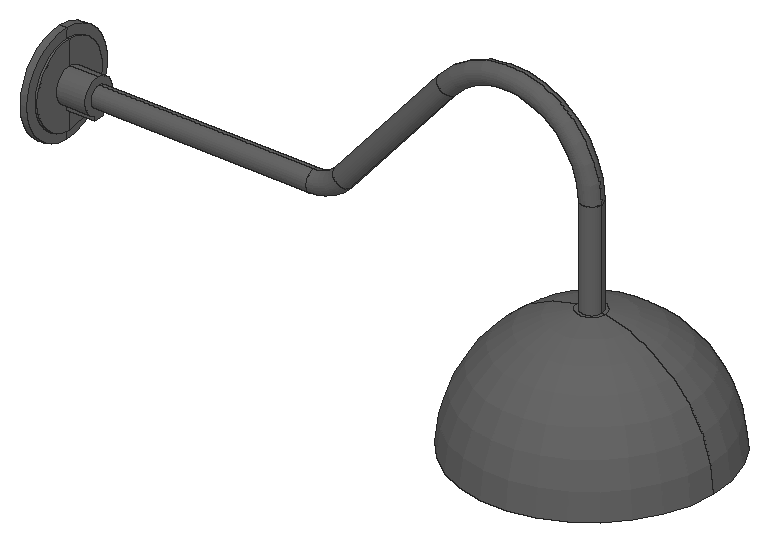
Revit family "Shallow Dome_LED", category Lighting Fixtures, Revit 2020
Family settings
  Round Connector Dimension = Use Diameter
  Part Type = Normal
  OmniClass Number = 23.80.70.00
  OmniClass Title = Lighting
  Work Plane-Based = No
  Always vertical = Yes
  Cut with Voids When Loaded = No
  Light Source = Yes
  Shared = No
  Room Calculation Point = No
Parameters (values of type "SD12")
  Weight = "2.0 lb"
  Wattage Comments = "16W"
  Wattage = 1.6 W
  Warranty = "5 year limited warranty"  # constant formula
  built-in parameter 1150110 = 1 (stored number, unit not read)
  Voltage = 277 V
  URL = "https://www.anplighting.com/assets/Uploads/product-attachments/specification-sheets/ANP-Specification-Sheet-RLM-LED-SD12.pdf"
  built-in parameter 1114217 = 1 (stored number, unit not read)
  Tilt Angle = 90.00°
  built-in parameter 1150109 = 1 (stored number, unit not read)
  built-in parameter 1150134 = 12
  built-in parameter 1150113 = 1 (stored number, unit not read)
  SD20 = no
  SD16 = no
  SD12 = yes
  SD10 = no
  Mounting Option [instance] = 2
  Power Factor = 1
  Post Mount [instance] = Mounting Option = 5  # no
  Placement X axis side [instance] = if(Post Mount, 2' 2 15/32", if(Cord or Stem Mount, 0' 0", if(E36 20 inch, 1' 8 1/4", if(E 6 26 inch, 2' 2", if(E7 41 inch, 3' 5 1/4", 0' 1")))))  # 2' - 2"
  Photometric Web File = "generic.ies"
  Model = "SD12"
  Manufacturer = "ANP Lighting"  # constant formula
  built-in parameter 1150105 = 159.15 (stored number, unit not read)
  Lumens = 2000 lm
  built-in parameter 1150115 = 1 (stored number, unit not read)
  Load Classification = Lighting
  Light Source Height [instance] = 0' - 2 55/128"  # constant formula
  built-in parameter 1150137 = (empty or 0)
  built-in parameter 1150139 = (empty or 0)
  Light Elevation_3 [instance] = if(SD10, (0' 1 3/8" + 0' 2 55/128"), if(SD12, (0' 2 1/4" + 0' 2 55/128"), if(SD16, (0' 4 1/8" + 0' 2 55/128"), if(SD20, (0' 6 1/8" + 0' 2 55/128"), 0' 0"))))  # 0' - 4 87/128"
  Light Elevation _2 [instance] = if(SD10, 0' 5", if(SD12, 0' 6", if(SD16, 0' 8", if(SD20, 0' 10", 0' 0"))))  # 0' - 6"
  Light Elevation _1 [instance] = if(Post Mount, 0' 0", if(E7 41 inch, 0' 0", if(E36 20 inch, 0' 1", if(E 6 26 inch, 0' 0.87402", if(Cord or Stem Mount, (0' 3.66142" + Cord Length), 0' 0")))))  # 0' - 0.87402"
  Light Elevation [instance] = if(Post Mount, 14' 0.5315", if(E7 41 inch, 0' 0", 0' 0"))  # 0' - 0"
  Life = "L70 50,000 hours"  # constant formula
  built-in parameter 1150112 = 1 (stored number, unit not read)
  built-in parameter 1150114 = 1 (stored number, unit not read)
  Lamp = "LED"
  Inside body material = Inside body
  built-in parameter 1150132 = 2
  built-in parameter 1150102 = (empty or 0)
  built-in parameter 1150107 = 4000 (stored number, unit not read)
  built-in parameter 1150138 = (empty or 0)
  built-in parameter 1150106 = 1.5915 (stored number, unit not read)
  Fixture Height = 0' - 6"
  Fixture Diameter = 1' - 0"
  Efficiency = "97-125 lumens per watt"  # constant formula
  built-in parameter 1150104 = 116.13 (stored number, unit not read)
  E7 41 inch [instance] = Mounting Option = 4  # no
  E36 20 inch [instance] = Mounting Option = 3  # no
  E 6 26 inch [instance] = Mounting Option = 2  # yes
  Dimming Lamp Color Temperature Shift = <None>
  Dimming = "1%"  # constant formula
  Description = "120-277 Voltage"  # constant formula
  Default Elevation = 0' - 0"
  Cord or Stem Mount [instance] = Mounting Option = 1  # no
  Cord Length option [instance] = 0
  Cord Length [instance] = if([2' Cord], 2' 0", if([4' Cord], 4' 0", if([8' Cord], 8' 0", if([10' Cord], 10' 0", if([6' Cord], 6' 0", 6' 0")))))  # 6' - 0"
  Construction Material = "Heavy Duty spun aluminum."  # constant formula
  Color Filter = 16777215
  CRI = ">90"  # constant formula
  Bulb = Bulb
  Body Material = body
  Body Colour = "Spun aluminium"  # constant formula
  built-in parameter 1114218 = 1 (stored number, unit not read)
  built-in parameter 1150133 = 10 (stored number, unit not read)
  Apparent Load = 16 VA
  8' Cord [instance] = Cord Length option = 8  # no
  6' Cord [instance] = Cord Length option = 6  # no
  4' Cord [instance] = Cord Length option = 4  # no
  2' Cord [instance] = Cord Length option = 2  # no
  10' Cord [instance] = Cord Length option = 10  # no
Types (5): name | Weight | Wattage Comments | Wattage | URL | SD20 | SD16 | SD12 | SD10 | Mounting Option | Post Mount | Placement X axis side | Model | built-in parameter 1150105 | Lumens | Light Elevation_3 | Light Elevation _2 | Light Elevation _1 | Light Elevation | built-in parameter 1150106 | Fixture Height | Fixture Diameter | E 6 26 inch | Cord Length option | Cord Length | Apparent Load | 2' Cord
  (no name) | "2.0 lb" | "16W" | 1.6 W | "https://www.anplighting.com/assets/Uploads/product-attachments/specification-sheets/ANP-Specification-Sheet-RLM-LED-SD12.pdf" | no | no | yes | no | 2 | no | 2' - 2" | "SD12" | 159.15 (stored number, unit not read) | 2000 lm | 0' - 4 87/128" | 0' - 6" | 0' - 0.87402" | 0' - 0" | 1.5915 (stored number, unit not read) | 0' - 6" | 1' - 0" | yes | 0 | 6' - 0" | 16 VA | no
  SD10 | "1.0 lb" | "10W" | 1 W | "https://www.anplighting.com/assets/Uploads/product-attachments/specification-sheets/ANP-Specification-Sheet-RLM-LED-SD10.pdf" | no | no | no | yes | 2 | no | 2' - 2" | "SD10" | 99.472 (stored number, unit not read) | 1250 lm | 0' - 3 103/128" | 0' - 5" | 0' - 0.87402" | 0' - 0" | 0.99472 (stored number, unit not read) | 0' - 5" | 0' - 10" | yes | 0 | 6' - 0" | 10 VA | no
  SD12 | "2.0 lb" | "16W" | 1.6 W | "https://www.anplighting.com/assets/Uploads/product-attachments/specification-sheets/ANP-Specification-Sheet-RLM-LED-SD12.pdf" | no | no | yes | no | 2 | no | 2' - 2" | "SD12" | 159.15 (stored number, unit not read) | 2000 lm | 0' - 4 87/128" | 0' - 6" | 0' - 0.87402" | 0' - 0" | 1.5915 (stored number, unit not read) | 0' - 6" | 1' - 0" | yes | 0 | 6' - 0" | 16 VA | no
  SD16 | "3.0 lb" | "24W" | 2.4 W | "https://www.anplighting.com/assets/Uploads/product-attachments/specification-sheets/ANP-Specification-Sheet-RLM-LED-SD16.pdf" | no | yes | no | no | 2 | no | 2' - 2" | "SD16" | 238.73 (stored number, unit not read) | 3000 lm | 0' - 6 71/128" | 0' - 8" | 0' - 0.87402" | 0' - 0" | 2.3873 (stored number, unit not read) | 0' - 8" | 1' - 4" | yes | 0 | 6' - 0" | 24 VA | no
  SD20 | "5.0 lb" | "24W" | 2.4 W | "https://www.anplighting.com/assets/Uploads/product-attachments/specification-sheets/ANP-Specification-Sheet-RLM-LED-SD20.pdf" | yes | no | no | no | 5 | yes | 2' - 2 15/32" | "SD20" | 238.73 (stored number, unit not read) | 3000 lm | 0' - 8 71/128" | 0' - 10" | 0' - 0" | 14' - 0.5315" | 2.3873 (stored number, unit not read) | 0' - 10" | 1' - 8" | no | 2 | 2' - 0" | 24 VA | yes
Reference planes (in)
  plane 1 "Light Source Axis (F/B)": y = 0
  plane 2: z = 0
  plane 3 "Light Source Axis (L/R)": x = 0
  plane 4 "Light Source Elevation": z = 0
  plane 5: z = 0
  plane 6: x = 26
  plane 7 "Bulb Position": z = -2.19433
  plane 8 "Canopy Position": z = -0.87402
  plane 9 "IES": z = -4.62402
  plane 10: z = -6.87402
Dimensions and locks (in)
  "Light Elevation": plane 5 to plane 2
  "Placement X axis side": plane 6 to plane 3 "Light Source Axis (L/R)"
  "Light Elevation _1": plane 5 to plane 8 "Canopy Position"
  "Light Source Height": plane 7 "Bulb Position" to plane 9 "IES"
  locked: plane 4 "Light Source Elevation" to plane 2
  "Light Elevation _2": plane 8 "Canopy Position" to plane 10
  "Light Elevation_3": plane 7 "Bulb Position" to plane 10
  aligned and locked: level to plane 2
  aligned and locked: plane 1 "Light Source Axis (F/B)" to nested 5
  aligned and locked: nested 5 to plane 2
  aligned and locked: nested 1 to plane 3 "Light Source Axis (L/R)"
  aligned and locked: plane 3 "Light Source Axis (L/R)" to nested 2
  aligned and locked: plane 3 "Light Source Axis (L/R)" to nested 4
  aligned and locked: nested 3 to plane 5
  aligned and locked: plane 3 "Light Source Axis (L/R)" to nested 3
  aligned and locked: plane 3 "Light Source Axis (L/R)" to nested 5
  aligned and locked: plane 1 "Light Source Axis (F/B)" to nested 2
  aligned and locked: plane 1 "Light Source Axis (F/B)" to nested 1
  aligned and locked: plane 1 "Light Source Axis (F/B)" to nested 4
  aligned and locked: plane 1 "Light Source Axis (F/B)" to nested 3
  aligned and locked: plane 2 to nested 1
  aligned and locked: plane 2 to nested 2
  aligned and locked: nested 4 to plane 2
  aligned and locked: imposter light to plane 9 "IES"
  aligned and locked: plane 6 to imposter light
  aligned and locked: plane 1 "Light Source Axis (F/B)" to nested 8
  aligned and locked: plane 1 "Light Source Axis (F/B)" to nested 7
  aligned and locked: plane 1 "Light Source Axis (F/B)" to nested 6
  aligned and locked: plane 1 "Light Source Axis (F/B)" to nested 9
  aligned and locked: plane 6 to nested 7
  aligned and locked: plane 6 to nested 8
  aligned and locked: plane 6 to nested 9
  aligned and locked: plane 6 to nested 6
  aligned and locked: plane 1 "Light Source Axis (F/B)" to nested 10
  aligned and locked: plane 6 to nested 10
  aligned and locked: nested 10 to plane 7 "Bulb Position"
  aligned and locked: nested 6 to plane 8 "Canopy Position"
  aligned and locked: nested 9 to plane 8 "Canopy Position"
  aligned and locked: nested 8 to plane 8 "Canopy Position"
  aligned and locked: nested 7 to plane 8 "Canopy Position"
Nested families (in)
  nested 1: "CORD OR STEM MOUNT" at (0, 0, -75.67), visible <- "Cord or Stem Mount", Cord or Stem Mount <- "Cord or Stem Mount", Body Material <- "Body Material", Light Elevation <- "Light Elevation", Cord Length <- "Cord Length", 10' Cord <- "10' Cord", 2' Cord <- "2' Cord", 4' Cord <- "4' Cord", 6' Cord <- "6' Cord", 8' Cord <- "8' Cord", type "CORD OR STEM MOUNT"
    with Light Elevation 0' - 0", Cord or Stem Mount no, Cord Length 6' - 0", Body Material body, 8' Cord no, 6' Cord no, 4' Cord no, 2' Cord no, 10' Cord no
  nested 2: "E6 26 INCH" at (26, 0, 0), visible <- "E 6 26 inch", Chain Length <- "Cord Length", E 6 26 inch <- "E 6 26 inch", Placement X axis side <- "Placement X axis side", Body Material <- "Body Material", Light Elevation <- "Light Elevation", type "E6 26 INCH"
    with Placement X axis side 2' - 2", Light Elevation 0' - 0", E 6 26 inch yes, Chain Length 6' - 0", Body Material body
  nested 3: "E7 41 INCH" at (26, 0, 0), Chain Length <- "Cord Length", visible <- "E7 41 inch", E7 41 inch <- "E7 41 inch", Placement X axis side <- "Placement X axis side", Body Material <- "Body Material", Light Elevation <- "Light Elevation", type "E7 41 INCH"
    with Placement X axis side 2' - 2", Light Elevation 0' - 0", E7 41 inch no, Chain Length 6' - 0", Body Material body
  nested 4: "E36 20 INCH" at (26, 0, 0), visible <- "E36 20 inch", E36 20 inch <- "E36 20 inch", Placement X axis side <- "Placement X axis side", Chain Length <- "Cord Length", Body Material <- "Body Material", Light Elevation <- "Light Elevation", type "E36 20 INCH"
    with Placement X axis side 2' - 2", Light Elevation 0' - 0", E36 20 inch no, Chain Length 6' - 0", Body Material body
  nested 5: "POST MOUNT" at (26, 0, 0), visible <- "Post Mount", Post Mount <- "Post Mount", Placement X axis side <- "Placement X axis side", Chain Length <- "Cord Length", Body Material <- "Body Material", Light Elevation <- "Light Elevation", type "POST MOUNT"
    with Post Mount no, Placement X axis side 2' - 2", Light Elevation 0' - 0", Chain Length 6' - 0", Body Material body
  nested 6: "SD 10 LED" at (26, 0, -0.87402), SD10 <- "SD10", visible <- "SD10", Body <- "Body Material", Light Elevation <- "Light Elevation", type "SD 10 LED"
    with SD10 no, Light Elevation 0' - 0", Body body
  nested 7: "SD 12 LED" at (26, 0, -0.87402), SD12 <- "SD12", visible <- "SD12", Body <- "Body Material", Light Elevation <- "Light Elevation", type "SD 12 LED"
    with SD12 yes, Light Elevation 0' - 0", Body body
  nested 8: "SD 16 LED" at (26, 0, -0.87402), SD16 <- "SD16", visible <- "SD16", Body <- "Body Material", Light Elevation <- "Light Elevation", type "SD 16 LED"
    with SD16 no, Light Elevation 0' - 0", Body body
  nested 9: "SD 20 LED" at (26, 0, -0.87402), SD20 <- "SD20", visible <- "SD20", Body <- "Body Material", Light Elevation <- "Light Elevation", type "SD 20 LED"
    with SD20 no, Light Elevation 0' - 0", Body body
  nested 10: "Bulb" at (26, 0, -0.16868), type "Bulb"
Definition of nested family "E6 26 INCH"
  Parameters (values of type "E6 26 INCH")
    URL = ""
    Placement X axis side [instance] = 2' - 2"
    Model = ""
    Manufacturer = ""
    Light Elevation [instance] = 8' - 4"
    E 6 26 inch [instance] = yes
    Default Elevation = 0' - 0"
    Chain Length [instance] = 0' - 0"
    Body Material [instance] = none
  Reference planes (in)
    plane 1 "Light Source Axis (F/B)": y = 0
    plane 2: z = 0
    plane 3 "Light Source Axis (L/R)": x = 0
    plane 4 "Light Source Elevation": z = 23.125
    plane 5: z = 100
    plane 6: x = -26
    plane 7: z = 99.125
    plane 8: x = -24.12
    plane 9: x = -25.5474
  Forms (in)
    Extrusion 1, void, not visible
      sketch origin (0, 0, 2.38154) x (1, 0, 0) y (0, 0, 1)
        loop
          circle (0, 4.59925) r 0.16583
      from 1.18594 to 1.75
    Extrusion 2, void, not visible
      sketch origin (0, 0, 2.38154) x (0.707107, -0.707107, 0) y (0, 0, 1)
        loop
          circle (0, 4.59925) r 0.16583
      from 1.18594 to 1.75
    Extrusion 3, void, not visible
      sketch origin (0, 0, 2.38154) x (0.707107, 0.707107, 0) y (0, 0, 1)
        loop
          circle (0, 4.59925) r 0.16583
      from 1.18594 to 1.75
    Extrusion 4, void, not visible
      sketch origin (0, 0, 2.38154) x (0, 1, 0) y (0, 0, 1)
        loop
          circle (0, 4.59925) r 0.16583
      from 1.18594 to 1.75
    Extrusion 5, void, not visible
      sketch origin (0, 0, 2.38154) x (-0.707107, 0.707107, 0) y (0, 0, 1)
        loop
          circle (0, 4.59925) r 0.16583
      from 1.18594 to 1.75
    Extrusion 6, void, not visible
      sketch origin (0, 0, 2.38154) x (-1, 0, 0) y (0, 0, 1)
        loop
          circle (0, 4.59925) r 0.20678
      from 1.18594 to 1.75
    Extrusion 7, void, not visible
      sketch origin (0, 0, 2.38154) x (-0.707107, -0.707107, 0) y (0, 0, 1)
        loop
          circle (0, 4.59925) r 0.16583
      from 1.18594 to 1.75
    Extrusion 8, void, not visible
      sketch origin (0, 0, 2.38154) x (0, -1, 0) y (0, 0, 1)
        loop
          circle (0, 4.59925) r 0.16583
      from 1.18594 to 1.75
    Sweep 9, solid, material <- "Body Material", visible <- "E 6 26 inch"
      path origin (-41.25, 0, 168.51693) x (1, 0, 0) y (0, 0, 1)
        loop
          line (17.13, -68.51693) -> (27.68551, -68.51693)
          arc (27.68551, -68.51693) -> (28.47996, -68.34486) -> (29.13202, -67.8595) r 1.92004
          line (29.13202, -67.8595) -> (34.23651, -62.01155)
          arc (34.23651, -62.01155) -> (38.65464, -60.89667) -> (41.25, -64.64193) r 4
          line (41.25, -64.64193) -> (41.25, -69.39193)
      profile origin (-18.84224, 0, 100) x (0, 0, 1) y (0, -1, 0)
        loop
          circle (0, 0) r 0.5
    Revolve 10, solid, material <- "Body Material", visible <- "E 6 26 inch"
      sketch origin (-26, 0, 168.51693) x (1, 0, 0) y (0, 0, 1)
        loop
          line (0, -66.07943) -> (0, -68.51693) -> (1.88, -68.51693) -> (1.88, -67.69272) -> (0.4526, -67.69272) -> (0.4526, -66.54122) -> (0.33125, -66.54122) -> (0.33125, -66.07943) -> (0, -66.07943)
        axis (0, -68.51693) -> (1.88, -68.51693)
      angle from 0 to 360
    Extrusion 11, solid, material <- "Body Material", visible <- "E 6 26 inch"
      sketch origin (-26, 0, 168.51693) x (0, -1, 0) y (0, 0, -1)
        loop
          line (0.25, 68.51693) -> (0.25, 69.51693) -> (-0.25, 69.51693) -> (-0.25, 68.51693) -> (0.25, 68.51693)
      from 0.4526 to 1.88
  Cuts and joins
    joined: Revolve 10, Extrusion 11
  Dimensions and locks (in)
    "Light Elevation": plane 5 to plane 2
    "Placement X axis side": plane 3 "Light Source Axis (L/R)" to plane 6
    locked: plane 5 to plane 7 at 0.875
    Revolve 10 sketch curve to Revolve 10 sketch curve to Revolve 10 sketch curve to plane 6 = 0' - 1.4274" locked, 0' - 0.12135" locked, 0' - 0.33125" locked
    Revolve 10 sketch curve to Revolve 10 sketch curve to Revolve 10 sketch curve to plane 5 = 0' - 0.46179" locked, 0' - 1.1515" locked, 0' - 0 211/256" locked
    locked: Sweep 9 sketch curve to plane 6 at 1.88
    locked: Sweep 9 sketch curve to Sweep 9 sketch curve at 10.55551
    locked: Sweep 9 sketch curve to Sweep 9 sketch curve at 13.56449
    locked: Sweep 9 sketch curve to Sweep 9 sketch curve at 4.75
    locked: plane 9 to plane 6 at 0.4526
    locked: plane 8 to plane 9 at 1.4274
    aligned and locked: level to plane 2
    aligned and locked: Revolve 10 sketch curve to plane 6
    aligned and locked: plane 5 to Revolve 10 sketch curve
    aligned and locked: Revolve 10 sketch curve to plane 5
    aligned and locked: cut or joined group of Revolve 10, Extrusion 11 to plane 9
    aligned and locked: plane 8 to cut or joined group of Revolve 10, Extrusion 11
  Automatic sketch dimensions
    Sweep 9 sketch curve to plane 5 = 0' - 0"
    Sweep 9 sketch curve to Sweep 9 sketch curve = 0' - 4"
    Sweep 9 sketch curve to Sweep 9 sketch curve = 0' - 3.01349"
    plane 5 to Sweep 9 sketch curve = 0' - 0.65743"
    Sweep 9 sketch curve to Sweep 9 sketch curve = 0' - 1.4465"
    Sweep 9 sketch curve to plane 5 = 0' - 0 7/8"
    profile plane to Sweep 9 sketch curve = 0' - 0"
    Sweep 9 sketch curve to profile plane = 0' - 0"
    plane 6 to Revolve 10 sketch curve = 0' - 0.62562"
    Revolve 10 sketch curve to Revolve 10 sketch curve = 0' - 0 1/2"
    Extrusion 11 sketch curve to plane 5 = 0' - 0"
    plane 1 "Light Source Axis (F/B)" to Extrusion 11 sketch curve = 0' - 0 1/4"
    Extrusion 11 sketch curve to plane 1 "Light Source Axis (F/B)" = 0' - 0 1/4"
    plane 5 to Extrusion 11 sketch curve = 0' - 1"
    radius of Sweep 9 sketch curve = 0' - 0 1/2"
Definition of nested family "SD 12 LED"
  Parameters (values of type "SD 12 LED")
    SD12 [instance] = yes
    Light Elevation [instance] = 5' - 0"
    Default Elevation = 0' - 0"
    Body [instance] = none
  Reference planes (in)
    plane 1 "Center (Front/Back)": y = 0
    plane 2: z = 0
    plane 3 "Center (Left/Right)": x = 0
    plane 4: z = 60
  Dimensions and locks (in)
    "Light Elevation": plane 4 to plane 2
    aligned and locked: plane 2 to level
    aligned and locked: plane 3 "Center (Left/Right)" to nested 1
    aligned and locked: plane 1 "Center (Front/Back)" to nested 1
    aligned and locked: plane 4 to nested 1
  Nested families (in)
    nested 1: "SD 12 LED" at (0, 0, 54), visible <- "SD12", Body <- "Body", SD12 <- "SD12", type "SD 12 LED"
      with SD12 yes, Body none
  Definition of nested family "SD 12 LED"
    Parameters (values of type "SD 12 LED")
      SD12 [instance] = yes
      Default Elevation = 0' - 0"
      Body [instance] = none
    Reference planes (in)
      plane 1 "Center (Front/Back)": y = 0
      plane 2: z = 0
      plane 3 "Center (Left/Right)": x = 0
      plane 4: x = 0.25
    Forms (in)
      Revolve 1, solid, material <- "Body", visible <- "SD12"
        sketch origin (0, 0, 0) x (1, 0, 0) y (0, 0, 1)
          loop
            line (0.25, 6) -> (0.25, 5.75) -> (0.669, 5.75)
            arc (0.669, 5.75) -> (4.24448, 3.78956) -> (5.75, 0) r 6.01935
            line (5.75, 0) -> (6, 0)
            arc (6, 0) -> (4.42761, 3.95967) -> (0.6875, 6) r 6.26922
            line (0.6875, 6) -> (0.25, 6)
          axis (0, 0) -> (0, 6)
        angle from 0 to 360
    Dimensions and locks (in)
      Revolve 1 to Revolve 1 = 0' - 6"
      Revolve 1 to Revolve 1 = 1' - 0"
      aligned and locked: plane 2 to level
Definition of nested family "Bulb"
  Parameters (values of type "Bulb")
    Default Elevation = 0' - 0"
    Bulb = none
  Reference planes (in)
    plane 1 "Center (Front/Back)": y = 0
    plane 2: z = 0
    plane 3 "Center (Left/Right)": x = 0
  Forms (in)
    Revolve 1, solid, material <- "Bulb"
      sketch origin (0.00446, 0, 0.00567) x (1, 0, 0) y (0, 0, 1)
        loop
          arc (-1.22244, -3.28132) -> (-0.86108, -4.13031) -> (0, -4.46182) r 1.18347
          line (0, -4.46182) -> (0, -3.28132) -> (-1.22244, -3.28132)
        axis (0, -4.46182) -> (0, -3.28132)
      angle from 0 to 360
    Revolve 2, solid, material <- "Bulb"
      sketch origin (0, 0, 0) x (1, 0, 0) y (0, 0, 1)
        loop
          line (0.00225, -3.02565) -> (0.00225, -3.27565) -> (1.76788, -3.27565) -> (1.76788, -3.02565) -> (0.00225, -3.02565)
        axis (0.00225, -3.02565) -> (0.00225, -3.27565)
      angle from 0 to 360
    Revolve 3, solid, material <- "Bulb"
      sketch origin (0, 0, 0) x (1, 0, 0) y (0, 0, 1)
        loop
          line (1.3513, -2.02565) -> (0, -2.02565) -> (0, -3.02565) -> (1.47103, -3.02565) -> (1.39254, -2.98286) -> (1.39254, -2.056) -> (1.3513, -2.02565)
        axis (0, -3.02565) -> (0, -2.02565)
      angle from 0 to 360
  Dimensions and locks (in)
    aligned and locked: plane 2 to level
Definition of nested family "CORD OR STEM MOUNT"
  Parameters (values of type "CORD OR STEM MOUNT")
    URL = ""
    Model = ""
    Manufacturer = ""
    Light Elevation [instance] = 1' - 7.69"
    Default Elevation = 0' - 0"
    Cord or Stem Mount [instance] = yes
    Cord Length [instance] = 6' - 0"
    Body Material [instance] = none
    8' Cord [instance] = no
    6' Cord [instance] = no
    4' Cord [instance] = no
    2' Cord [instance] = no
    10' Cord [instance] = no
  Reference planes (in)
    plane 1 "Light Source Axis (F/B)": y = 0
    plane 2: z = 0
    plane 3 "Light Source Axis (L/R)": x = 0
    plane 4 "Light Source Elevation": z = 23.125
    plane 5: z = 91.69
    plane 6: z = 19.69
  Forms (in)
    Extrusion 1, void, not visible
      sketch origin (0, 0, 2.38154) x (1, 0, 0) y (0, 0, 1)
        loop
          circle (0, 4.59925) r 0.16583
      from 1.18594 to 1.75
    Extrusion 2, void, not visible
      sketch origin (0, 0, 2.38154) x (0.707107, -0.707107, 0) y (0, 0, 1)
        loop
          circle (0, 4.59925) r 0.16583
      from 1.18594 to 1.75
    Extrusion 3, void, not visible
      sketch origin (0, 0, 2.38154) x (0.707107, 0.707107, 0) y (0, 0, 1)
        loop
          circle (0, 4.59925) r 0.16583
      from 1.18594 to 1.75
    Extrusion 4, void, not visible
      sketch origin (0, 0, 2.38154) x (0, 1, 0) y (0, 0, 1)
        loop
          circle (0, 4.59925) r 0.16583
      from 1.18594 to 1.75
    Extrusion 5, void, not visible
      sketch origin (0, 0, 2.38154) x (-0.707107, 0.707107, 0) y (0, 0, 1)
        loop
          circle (0, 4.59925) r 0.16583
      from 1.18594 to 1.75
    Extrusion 6, void, not visible
      sketch origin (0, 0, 2.38154) x (-1, 0, 0) y (0, 0, 1)
        loop
          circle (0, 4.59925) r 0.20678
      from 1.18594 to 1.75
    Extrusion 7, void, not visible
      sketch origin (0, 0, 2.38154) x (-0.707107, -0.707107, 0) y (0, 0, 1)
        loop
          circle (0, 4.59925) r 0.16583
      from 1.18594 to 1.75
    Extrusion 8, void, not visible
      sketch origin (0, 0, 2.38154) x (0, -1, 0) y (0, 0, 1)
        loop
          circle (0, 4.59925) r 0.16583
      from 1.18594 to 1.75
    Revolve 9, solid, material <- "Body Material", visible <- "Cord or Stem Mount"
      sketch origin (0, 0, 174.56698) x (1, 0, 0) y (0, 0, 1)
        loop
          line (2.6875, -79.20698) -> (0, -79.20698) -> (0, -82.87698) -> (0.125, -82.87698) -> (0.125, -82.83698) -> (0.75, -82.83698)
          arc (0.75, -82.83698) -> (0.81694, -82.77004) -> (0.75, -82.7031) r 0.06694
          line (0.75, -82.7031) -> (0.89763, -82.7031) -> (1.00223, -82.5985) -> (1.06587, -82.5985)
          arc (1.06587, -82.5985) -> (1.80099, -82.29401) -> (2.10549, -81.55888) r 1.03962
          line (2.10549, -81.55888) -> (2.10549, -81.03899)
          arc (2.10549, -81.03899) -> (2.12951, -80.981) -> (2.1875, -80.95698) r 0.08201
          line (2.1875, -80.95698) -> (2.1875, -80.70698) -> (2.6875, -80.70698) -> (2.6875, -79.20698)
        axis (0, -79.20698) -> (0, -82.87698)
      angle from 0 to 360
    Revolve 10, solid, material <- "Body Material", visible <- "Cord or Stem Mount"
      sketch origin (0, 0, 0) x (1, 0, 0) y (0, 0, 1)
        loop
          line (0, 91.69) -> (-0.125, 91.69) -> (-0.125, 19.69) -> (0, 19.69) -> (0, 91.69)
        axis (0, 19.69) -> (0, 91.69)
      angle from 0 to 360
  Dimensions and locks (in)
    "Light Elevation": plane 6 to plane 2
    "Cord Length": plane 5 to plane 6
    locked: Revolve 10 sketch curve to Revolve 10 sketch curve at 0.125
    aligned and locked: level to plane 2
    aligned and locked: Revolve 10 sketch curve to plane 3 "Light Source Axis (L/R)"
    aligned and locked: Revolve 10 sketch curve to plane 6
    aligned and locked: Revolve 10 sketch curve to plane 5
    aligned and locked: plane 3 "Light Source Axis (L/R)" to Revolve 10 sketch curve
  Automatic sketch dimensions
    Revolve 9 sketch curve to plane 3 "Light Source Axis (L/R)" = 0' - 0"  (x2)
    Revolve 9 sketch curve to plane 5 = 0' - 0"
    plane 3 "Light Source Axis (L/R)" to Revolve 9 sketch curve = 0' - 0 1/8"
    Revolve 9 sketch curve to plane 5 = 0' - 0.17388"
    Revolve 9 sketch curve to Revolve 9 sketch curve = 0' - 0 5/8"
    Revolve 9 sketch curve to Revolve 9 sketch curve = 0' - 0.14763"
    Revolve 9 sketch curve to plane 5 = 0' - 0.27847"
    Revolve 9 sketch curve to Revolve 9 sketch curve = 0' - 0.1046"
    Revolve 9 sketch curve to Revolve 9 sketch curve = 0' - 0.06364"
    Revolve 9 sketch curve to Revolve 9 sketch curve = 0' - 1.03962"
    Revolve 9 sketch curve to Revolve 9 sketch curve = 0' - 0 21/256"
    Revolve 9 sketch curve to Revolve 9 sketch curve = 0' - 0 1/2"  (x2)
    Revolve 9 sketch curve to Revolve 9 sketch curve = 0' - 0.51989"
    Revolve 9 sketch curve to Revolve 9 sketch curve = 0' - 0 1/4"
    Revolve 9 sketch curve to Revolve 9 sketch curve = 0' - 2.3519"
    Revolve 9 sketch curve to Revolve 9 sketch curve = 0' - 1 1/4"
    Revolve 9 sketch curve to Revolve 9 sketch curve = 0' - 0.04"
    Revolve 10 sketch curve to Revolve 10 sketch curve = 0' - 0 1/2"
    Revolve 10 sketch curve to Revolve 10 sketch curve = 0' - 0.42345"
Definition of nested family "E7 41 INCH"
  Parameters (values of type "E7 41 INCH")
    URL = ""
    Placement X axis side [instance] = 4' - 2"
    Model = ""
    Manufacturer = ""
    Light Elevation [instance] = 8' - 4"
    E7 41 inch [instance] = yes
    Default Elevation = 0' - 0"
    Chain Length [instance] = 0' - 0"
    Body Material [instance] = none
  Reference planes (in)
    plane 1 "Light Source Axis (F/B)": y = 0
    plane 2: z = 0
    plane 3 "Light Source Axis (L/R)": x = 0
    plane 4 "Light Source Elevation": z = 23.125
    plane 5: z = 100
    plane 6: x = -50
  Forms (in)
    Extrusion 1, void, not visible
      sketch origin (0, 0, 2.38154) x (1, 0, 0) y (0, 0, 1)
        loop
          circle (0, 4.59925) r 0.16583
      from 1.18594 to 1.75
    Extrusion 2, void, not visible
      sketch origin (0, 0, 2.38154) x (0.707107, -0.707107, 0) y (0, 0, 1)
        loop
          circle (0, 4.59925) r 0.16583
      from 1.18594 to 1.75
    Extrusion 3, void, not visible
      sketch origin (0, 0, 2.38154) x (0.707107, 0.707107, 0) y (0, 0, 1)
        loop
          circle (0, 4.59925) r 0.16583
      from 1.18594 to 1.75
    Extrusion 4, void, not visible
      sketch origin (0, 0, 2.38154) x (0, 1, 0) y (0, 0, 1)
        loop
          circle (0, 4.59925) r 0.16583
      from 1.18594 to 1.75
    Extrusion 5, void, not visible
      sketch origin (0, 0, 2.38154) x (-0.707107, 0.707107, 0) y (0, 0, 1)
        loop
          circle (0, 4.59925) r 0.16583
      from 1.18594 to 1.75
    Extrusion 6, void, not visible
      sketch origin (0, 0, 2.38154) x (-1, 0, 0) y (0, 0, 1)
        loop
          circle (0, 4.59925) r 0.20678
      from 1.18594 to 1.75
    Extrusion 7, void, not visible
      sketch origin (0, 0, 2.38154) x (-0.707107, -0.707107, 0) y (0, 0, 1)
        loop
          circle (0, 4.59925) r 0.16583
      from 1.18594 to 1.75
    Extrusion 8, void, not visible
      sketch origin (0, 0, 2.38154) x (0, -1, 0) y (0, 0, 1)
        loop
          circle (0, 4.59925) r 0.16583
      from 1.18594 to 1.75
    Revolve 9, solid, material <- "Body Material", visible <- "E7 41 inch"
      sketch origin (-41.25, 0, 168.39193) x (1, 0, 0) y (0, 0, 1)
        loop
          line (-8.75, -66.20443) -> (-8.75, -68.51693) -> (-6.87, -68.51693) -> (-6.87, -67.69272) -> (-8.2974, -67.69272) -> (-8.2974, -66.54122) -> (-8.41875, -66.54122) -> (-8.41875, -66.20443) -> (-8.75, -66.20443)
        axis (-8.75, -68.51693) -> (-6.87, -68.51693)
      angle from 0 to 360
    Extrusion 10, solid, material <- "Body Material", visible <- "E7 41 inch"
      sketch origin (-41.25, 0, 168.39193) x (0, -1, 0) y (0, 0, -1)
        loop
          line (0.25, 68.51693) -> (0.25, 69.51693) -> (-0.25, 69.51693) -> (-0.25, 68.51693) -> (0.25, 68.51693)
      from -8.2974 to -6.87
    Sweep 11, solid, material <- "Body Material", visible <- "E7 41 inch"
      path origin (-41.25, 0, 168.39193) x (1, 0, 0) y (0, 0, 1)
        loop
          line (-6.87, -68.51693) -> (16.04011, -68.51693)
          arc (16.04011, -68.51693) -> (17.864, -68.13651) -> (19.38375, -67.0587) r 4.5625
          line (19.38375, -67.0587) -> (24.70217, -61.33018)
          arc (24.70217, -61.33018) -> (29.64465, -60.20324) -> (32.5, -64.39193) r 4.5
          line (32.5, -64.39193) -> (32.5, -68.39193)
      profile origin (-36.66494, 0, 99.875) x (0, 0, 1) y (0, -1, 0)
        loop
          circle (0, 0) r 0.5
  Dimensions and locks (in)
    "Placement X axis side": plane 3 "Light Source Axis (L/R)" to plane 6
    "Light Elevation": plane 5 to plane 2
    locked: Revolve 9 sketch curve to Revolve 9 sketch curve at 0.33125
    locked: Revolve 9 sketch curve to Revolve 9 sketch curve at 0.4526
    locked: Revolve 9 sketch curve to Revolve 9 sketch curve at 1.88
    locked: Revolve 9 sketch curve to Revolve 9 sketch curve at 0.82421
    locked: Revolve 9 sketch curve to Revolve 9 sketch curve at 1.1515
    locked: Revolve 9 sketch curve to Revolve 9 sketch curve at 0.33679
    locked: plane 5 to Revolve 9 sketch curve at 0.125
    locked: Extrusion 10 sketch curve to Extrusion 10 sketch curve at 0.5
    locked: Extrusion 10 sketch curve to Extrusion 10 sketch curve at 1
    locked: plane 5 to Extrusion 10 sketch curve at 0.125
    locked: plane 5 to Sweep 11 sketch curve at 0.125
    locked: Sweep 11 sketch curve to Sweep 11 sketch curve at 39.37
    locked: Sweep 11 sketch curve to Sweep 11 sketch curve at 4
    locked: plane 6 to Extrusion 10 at 0.4526
    locked: Sweep 11 sketch curve to plane 6 at 1.88
    locked: Extrusion 10 to Extrusion 10 at 1.4274
    aligned and locked: plane 2 to level
    aligned and locked: Revolve 9 sketch curve to plane 6
  Automatic sketch dimensions
    Revolve 9 sketch curve to plane 5 = 0' - 0 1/8"
    plane 6 to Revolve 9 sketch curve = 0' - 0.62562"
    Revolve 9 sketch curve to Revolve 9 sketch curve = 0' - 0 1/2"
    plane 1 "Light Source Axis (F/B)" to Extrusion 10 sketch curve = 0' - 0 1/4"
    Sweep 11 sketch curve to plane 5 = 0' - 0"
    Sweep 11 sketch curve to Sweep 11 sketch curve = 0' - 4 1/2"
    Sweep 11 sketch curve to Sweep 11 sketch curve = 0' - 3.29783"
    plane 5 to Sweep 11 sketch curve = 0' - 1.33323"
    Sweep 11 sketch curve to Sweep 11 sketch curve = 0' - 5.31842"
    Sweep 11 sketch curve to Sweep 11 sketch curve = 0' - 3.34364"
    profile plane to Sweep 11 sketch curve = 0' - 0"
    Sweep 11 sketch curve to profile plane = 0' - 0"
    radius of Sweep 11 sketch curve = 0' - 0 1/2"
Definition of nested family "E36 20 INCH"
  Parameters (values of type "E36 20 INCH")
    URL = ""
    Placement X axis side [instance] = 1' - 8 1/4"
    Model = ""
    Manufacturer = ""
    Light Elevation [instance] = 8' - 4"
    E36 20 inch [instance] = yes
    Default Elevation = 0' - 0"
    Chain Length [instance] = 0' - 0"
    Body Material [instance] = none
  Reference planes (in)
    plane 1 "Light Source Axis (F/B)": y = 0
    plane 2: z = 0
    plane 3 "Light Source Axis (L/R)": x = 0
    plane 4 "Light Source Elevation": z = 23.125
    plane 5: z = 99
    plane 6: x = -20.25
    plane 7: z = 100
    plane 8: x = -18.37008
    plane 9: x = -19.79724
  Forms (in)
    Extrusion 1, void, not visible
      sketch origin (0, 0, 2.38154) x (1, 0, 0) y (0, 0, 1)
        loop
          circle (0, 4.59925) r 0.16583
      from 1.18594 to 1.75
    Extrusion 2, void, not visible
      sketch origin (0, 0, 2.38154) x (0.707107, -0.707107, 0) y (0, 0, 1)
        loop
          circle (0, 4.59925) r 0.16583
      from 1.18594 to 1.75
    Extrusion 3, void, not visible
      sketch origin (0, 0, 2.38154) x (0.707107, 0.707107, 0) y (0, 0, 1)
        loop
          circle (0, 4.59925) r 0.16583
      from 1.18594 to 1.75
    Extrusion 4, void, not visible
      sketch origin (0, 0, 2.38154) x (0, 1, 0) y (0, 0, 1)
        loop
          circle (0, 4.59925) r 0.16583
      from 1.18594 to 1.75
    Extrusion 5, void, not visible
      sketch origin (0, 0, 2.38154) x (-0.707107, 0.707107, 0) y (0, 0, 1)
        loop
          circle (0, 4.59925) r 0.16583
      from 1.18594 to 1.75
    Extrusion 6, void, not visible
      sketch origin (0, 0, 2.38154) x (-1, 0, 0) y (0, 0, 1)
        loop
          circle (0, 4.59925) r 0.20678
      from 1.18594 to 1.75
    Extrusion 7, void, not visible
      sketch origin (0, 0, 2.38154) x (-0.707107, -0.707107, 0) y (0, 0, 1)
        loop
          circle (0, 4.59925) r 0.16583
      from 1.18594 to 1.75
    Extrusion 8, void, not visible
      sketch origin (0, 0, 2.38154) x (0, -1, 0) y (0, 0, 1)
        loop
          circle (0, 4.59925) r 0.16583
      from 1.18594 to 1.75
    Sweep 9, solid, material <- "Body Material", visible <- "E36 20 inch"
      path origin (-41.25, 0, 169.51693) x (1, 0, 0) y (0, 0, 1)
        loop
          line (22.88, -69.51693) -> (28.93827, -69.51693)
          arc (28.93827, -69.51693) -> (29.97705, -69.28152) -> (30.81284, -68.62128) r 2.40953
          line (30.81284, -68.62128) -> (34.13807, -64.50378)
          arc (34.13807, -64.50378) -> (38.58272, -63.24548) -> (41.25, -67.01693) r 4
          line (41.25, -67.01693) -> (41.25, -70.51693)
      profile origin (-15.34086, 0, 100) x (0, 0, 1) y (0, -1, 0)
        loop
          circle (0, 0) r 0.5
    Revolve 10, solid, material <- "Body Material", visible <- "E36 20 inch"
      sketch origin (-20.25, 0, 169.51693) x (1, 0, 0) y (0, 0, 1)
        loop
          line (0, -67.20443) -> (0, -69.51693) -> (1.88, -69.51693) -> (1.88, -68.69272) -> (0.4526, -68.69272) -> (0.4526, -67.54122) -> (0.33125, -67.54122) -> (0.33125, -67.20443) -> (0, -67.20443)
        axis (0, -69.51693) -> (1.88, -69.51693)
      angle from 0 to 360
    Extrusion 11, solid, material <- "Body Material", visible <- "E36 20 inch"
      sketch origin (-20.25, 0, 169.51693) x (0, -1, 0) y (0, 0, -1)
        loop
          line (0.25, 69.51693) -> (0.25, 70.51693) -> (-0.25, 70.51693) -> (-0.25, 69.51693) -> (0.25, 69.51693)
      from 1.87992 to 0.45276
  Cuts and joins
    joined: Revolve 10, Extrusion 11
  Dimensions and locks (in)
    "Light Elevation": plane 7 to plane 2
    "Placement X axis side": plane 3 "Light Source Axis (L/R)" to plane 6
    locked: plane 7 to plane 5 at 1
    Revolve 10 sketch curve to Revolve 10 sketch curve to Revolve 10 sketch curve to plane 7 = 0' - 0.33679" locked, 0' - 1.1515" locked, 0' - 0 211/256" locked
    locked: Sweep 9 sketch curve to plane 6 at 1.88
    locked: Sweep 9 sketch curve to Sweep 9 sketch curve at 6.05827
    locked: Sweep 9 sketch curve to Sweep 9 sketch curve at 12.31173
    locked: Sweep 9 sketch curve to Sweep 9 sketch curve at 3.5
    Revolve 10 sketch curve to Revolve 10 sketch curve to Revolve 10 sketch curve to plane 6 = 0' - 1.4274" locked, 0' - 0.12135" locked, 0' - 0.33125" locked
    locked: plane 9 to plane 6 at 0.45276
    locked: plane 8 to plane 9 at 1.42717
    aligned and locked: level to plane 2
    aligned and locked: plane 7 to Revolve 10 sketch curve
    aligned and locked: Revolve 10 sketch curve to plane 7
    aligned and locked: Revolve 10 sketch curve to plane 6
    aligned and locked: cut or joined group of Revolve 10, Extrusion 11 to plane 9
    aligned and locked: plane 8 to cut or joined group of Revolve 10, Extrusion 11
  Automatic sketch dimensions
    Sweep 9 sketch curve to plane 7 = 0' - 0"
    Sweep 9 sketch curve to plane 5 = 0' - 0"
    Sweep 9 sketch curve to Sweep 9 sketch curve = 0' - 4"
    Sweep 9 sketch curve to plane 7 = 0' - 0.89565"
    Sweep 9 sketch curve to Sweep 9 sketch curve = 0' - 3.32523"
    Sweep 9 sketch curve to Sweep 9 sketch curve = 0' - 1.87457"
    profile plane to Sweep 9 sketch curve = 0' - 0"
    Sweep 9 sketch curve to profile plane = 0' - 0"
    plane 6 to Revolve 10 sketch curve = 0' - 0.62562"
    Revolve 10 sketch curve to Revolve 10 sketch curve = 0' - 0 1/2"
    plane 7 to Extrusion 11 sketch curve = 0' - 0"
    Extrusion 11 sketch curve to plane 5 = 0' - 0"
    plane 1 "Light Source Axis (F/B)" to Extrusion 11 sketch curve = 0' - 0 1/4"
    Extrusion 11 sketch curve to plane 1 "Light Source Axis (F/B)" = 0' - 0 1/4"
    radius of Sweep 9 sketch curve = 0' - 0 1/2"
Definition of nested family "POST MOUNT"
  Parameters (values of type "POST MOUNT")
    URL = ""
    Post Mount [instance] = yes
    Placement X axis side [instance] = 2' - 2 1/2"
    Model = ""
    Manufacturer = ""
    Light Elevation [instance] = 14' - 0.5168"
    Default Elevation = 0' - 0"
    Chain Length [instance] = 0' - 0"
    Body Material [instance] = none
  Reference planes (in)
    plane 1 "Light Source Axis (F/B)": y = 0
    plane 2: z = 0
    plane 3 "Light Source Axis (L/R)": x = 0
    plane 4 "Light Source Elevation": z = 23.125
    plane 5: x = -26.5
    plane 6: z = 168.5168
  Forms (in)
    Extrusion 1, void, not visible
      sketch origin (0, 0, 2.38154) x (1, 0, 0) y (0, 0, 1)
        loop
          circle (0, 4.59925) r 0.16583
      from 1.18594 to 1.75
    Extrusion 2, void, not visible
      sketch origin (0, 0, 2.38154) x (0.707107, -0.707107, 0) y (0, 0, 1)
        loop
          circle (0, 4.59925) r 0.16583
      from 1.18594 to 1.75
    Extrusion 3, void, not visible
      sketch origin (0, 0, 2.38154) x (0.707107, 0.707107, 0) y (0, 0, 1)
        loop
          circle (0, 4.59925) r 0.16583
      from 1.18594 to 1.75
    Extrusion 4, void, not visible
      sketch origin (0, 0, 2.38154) x (0, 1, 0) y (0, 0, 1)
        loop
          circle (0, 4.59925) r 0.16583
      from 1.18594 to 1.75
    Extrusion 5, void, not visible
      sketch origin (0, 0, 2.38154) x (-0.707107, 0.707107, 0) y (0, 0, 1)
        loop
          circle (0, 4.59925) r 0.16583
      from 1.18594 to 1.75
    Extrusion 6, void, not visible
      sketch origin (0, 0, 2.38154) x (-1, 0, 0) y (0, 0, 1)
        loop
          circle (0, 4.59925) r 0.20678
      from 1.18594 to 1.75
    Extrusion 7, void, not visible
      sketch origin (0, 0, 2.38154) x (-0.707107, -0.707107, 0) y (0, 0, 1)
        loop
          circle (0, 4.59925) r 0.16583
      from 1.18594 to 1.75
    Extrusion 8, void, not visible
      sketch origin (0, 0, 2.38154) x (0, -1, 0) y (0, 0, 1)
        loop
          circle (0, 4.59925) r 0.16583
      from 1.18594 to 1.75
    Revolve 9, solid, material <- "Body Material", visible <- "Post Mount"
      sketch origin (-7.90508, 0, 0) x (1, 0, 0) y (0, 0, 1)
        loop
          line (-18.59492, 3.92912) -> (-16.29831, 3.92912) -> (-16.29831, 4.2668) -> (-16.91413, 4.2668) -> (-16.91413, 134.5168) -> (-17.16413, 134.5168) -> (-17.16413, 137.3918) -> (-17.05979, 137.3918)
          arc (-17.05979, 137.3918) -> (-16.93479, 137.5168) -> (-17.05979, 137.6418) r 0.125
          line (-17.05979, 137.6418) -> (-17.48032, 137.6418) -> (-17.48032, 139.0793) -> (-17.73032, 139.0793) -> (-17.73032, 139.5793) -> (-18.59492, 139.5793) -> (-18.59492, 3.92912)
        axis (-18.59492, 139.5793) -> (-18.59492, 3.92912)
      angle from 0 to 360
    Extrusion 10, solid, material <- "Body Material", visible <- "Post Mount"
      sketch origin (0, 0, 0) x (1, 0, 0) y (0, 1, 0)
        loop
          line (-20.5, 5.93079) -> (-32.5, 5.93079) -> (-32.5, -6.06921) -> (-20.5, -6.06921) -> (-20.5, 5.93079)
      from 0 to 3.92912
    Sweep 11, solid, material <- "Body Material", visible <- "Post Mount"
      path origin (0, 0, 48.5) x (1, 0, 0) y (0, 0, 1)
        loop
          line (0, 120.0168) -> (0, 128.0168)
          arc (0, 128.0168) -> (-13.25, 141.2668) -> (-26.5, 128.0168) r 13.25
          line (-26.5, 128.0168) -> (-26.5, 91.0793)
      profile origin (0, 0, 172.5168) x (-1, 0, 0) y (0, -1, 0)
        loop
          circle (0, 0) r 0.5
    Revolve 12, solid, material <- "Body Material", visible <- "Post Mount"
      sketch origin (0, 0, 0) x (1, 0, 0) y (0, 0, 1)
        loop
          line (0, 168.5168) -> (0.75, 168.5168) -> (0.75, 170.7668) -> (0, 170.7668) -> (0, 168.5168)
        axis (0, 170.7668) -> (0, 168.5168)
      angle from 0 to 360
  Cuts and joins
    joined: Revolve 9, Extrusion 10, Sweep 11, Revolve 12
  Dimensions and locks (in)
    "Placement X axis side": plane 3 "Light Source Axis (L/R)" to plane 5
    "Light Elevation": plane 6 to plane 2
    locked: Revolve 12 sketch curve to plane 5 at 26.5  (x2)
    locked: Revolve 9 sketch curve to plane 2 at 3.92912
    locked: Revolve 9 sketch curve to plane 5 at 2.29661
    locked: Revolve 9 sketch curve to plane 5 at 1.68079
    locked: Revolve 9 sketch curve to plane 5 at 1.43079
    locked: Revolve 9 sketch curve to plane 5 at 1.11461
    locked: Revolve 9 sketch curve to plane 5 at 0.86461
    locked: Revolve 9 sketch curve to Revolve 9 sketch curve at 130.58768
    locked: Revolve 9 sketch curve to Revolve 9 sketch curve at 2.875
    locked: Revolve 9 sketch curve to Revolve 9 sketch curve at 0.25
    locked: Revolve 9 sketch curve to Revolve 9 sketch curve at 1.4375
    locked: Revolve 9 sketch curve to Revolve 9 sketch curve at 0.5
    locked: Sweep 11 sketch curve to Sweep 11 sketch curve at 26.5
    locked: Revolve 12 sketch curve to Revolve 12 sketch curve at 0.75
    locked: cut or joined group of Revolve 9, Extrusion 10, Sweep 11, Revolve 12 to plane 2 at 139.5793
    aligned and locked: level to plane 2
    aligned and locked: plane 5 to Sweep 11 sketch curve
    aligned and locked: Revolve 9 sketch curve to plane 5
  Automatic sketch dimensions
    Revolve 9 sketch curve to plane 5 = 0' - 0"
    Revolve 9 sketch curve to Revolve 9 sketch curve = 0' - 0.10434"
    Revolve 9 sketch curve to Revolve 9 sketch curve = 0' - 0.33768"
    Revolve 9 sketch curve to Revolve 9 sketch curve = 0' - 0 1/4"
    Revolve 9 sketch curve to Revolve 9 sketch curve = 0' - 0 7/16"
    Extrusion 10 sketch curve to plane 5 = 0' - 6"
    plane 5 to Extrusion 10 sketch curve = 0' - 6"
    plane 1 "Light Source Axis (F/B)" to Extrusion 10 sketch curve = 0' - 6.06921"
    Extrusion 10 sketch curve to plane 1 "Light Source Axis (F/B)" = 0' - 5.93079"
    Sweep 11 sketch curve to profile plane = 0' - 0"
    profile plane to Sweep 11 sketch curve = 0' - 0"
    Sweep 11 sketch curve to plane 6 = 0' - 0"
    Sweep 11 sketch curve to plane 6 = 0' - 8"
    plane 6 to Sweep 11 sketch curve = 2' - 4 15/16"
    Revolve 12 sketch curve to plane 6 = 0' - 0"
    Revolve 12 sketch curve to plane 6 = 0' - 2 1/4"
    Revolve 12 sketch curve to Revolve 12 sketch curve = 0' - 0 1/2"
    Revolve 12 sketch curve to Revolve 12 sketch curve = 0' - 0"
    radius of Sweep 11 sketch curve = 0' - 0 1/2"
Definition of nested family "SD 10 LED"
  Parameters (values of type "SD 10 LED")
    SD10 [instance] = yes
    Light Elevation [instance] = 5' - 0"
    Default Elevation = 0' - 0"
    Body [instance] = none
  Reference planes (in)
    plane 1 "Center (Front/Back)": y = 0
    plane 2: z = 0
    plane 3 "Center (Left/Right)": x = 0
    plane 4: z = 60
  Dimensions and locks (in)
    "Light Elevation": plane 4 to plane 2
    nested 1 to nested 1 = 0' - 10"
    plane 4 to nested 1 = 0' - 5"
    aligned and locked: plane 2 to level
    aligned and locked: plane 3 "Center (Left/Right)" to nested 1
    aligned and locked: plane 1 "Center (Front/Back)" to nested 1
    aligned and locked: plane 4 to nested 1
  Nested families (in)
    nested 1: "SD10 LED" at (0, 0, 55), Body <- "Body", SD10 <- "SD10", visible <- "SD10", type "SD10 LED"
      with Light Elevation 0' - 5"
  Definition of nested family "SD10 LED"
    Parameters (values of type "SD10 LED")
      redius1 = 0' - 5"
      redius = 0' - 10"
      SD10 [instance] = yes
      Light Elevation [instance] = 0' - 5"
      Default Elevation = 0' - 0"
      Body [instance] = none
    Reference planes (in)
      plane 1 "Center (Front/Back)": y = 0
      plane 2: z = 0
      plane 3 "Center (Left/Right)": x = 0
    Forms (in)
      Revolve 1, solid, material <- "Body", visible <- "SD10"
        sketch origin (0, 0, 0) x (1, 0, 0) y (0, 0, 1)
          loop
            line (0.15625, 5) -> (0.15625, 4.75) -> (0.669, 4.75)
            arc (0.669, 4.75) -> (3.59176, 3.133) -> (4.75, 0) r 4.79605
            line (4.75, 0) -> (5, 0)
            arc (5, 0) -> (3.77507, 3.30326) -> (0.6875, 5) r 5.04605
            line (0.6875, 5) -> (0.15625, 5)
          axis (0, 0) -> (0, 5)
        angle from 0 to 360
    Dimensions and locks (in)
      radius of Revolve 1 sketch curve = 0' - 4.79605"
      radius of Revolve 1 sketch curve = 0' - 5.04605"
      aligned and locked: plane 2 to level
      aligned and locked: Revolve 1 sketch curve to plane 2
Definition of nested family "SD 16 LED"
  Parameters (values of type "SD 16 LED")
    SD16 [instance] = yes
    Light Elevation [instance] = 5' - 0"
    Default Elevation = 0' - 0"
    Body [instance] = none
  Reference planes (in)
    plane 1 "Center (Front/Back)": y = 0
    plane 2: z = 0
    plane 3 "Center (Left/Right)": x = 0
    plane 4: z = 60
  Dimensions and locks (in)
    "Light Elevation": plane 4 to plane 2
    aligned and locked: plane 2 to level
    aligned and locked: plane 3 "Center (Left/Right)" to nested 1
    aligned and locked: plane 1 "Center (Front/Back)" to nested 1
    aligned and locked: plane 4 to nested 1
  Nested families (in)
    nested 1: "SD16 LED" at (0, 0, 52), Body <- "Body", SD16 <- "SD16", visible <- "SD16", type "SD16 LED"
      with SD16 yes, Body none
  Definition of nested family "SD16 LED"
    Parameters (values of type "SD16 LED")
      SD16 [instance] = yes
      Default Elevation = 0' - 0"
      Body [instance] = none
    Reference planes (in)
      plane 1 "Center (Front/Back)": y = 0
      plane 2: z = 0
      plane 3 "Center (Left/Right)": x = 0
      plane 4: x = 0.25
    Forms (in)
      Revolve 1, solid, material <- "Body", visible <- "SD16"
        sketch origin (0, 0, 0) x (1, 0, 0) y (0, 0, 1)
          loop
            line (0.25, 8) -> (0.25, 7.75) -> (0.669, 7.75)
            arc (0.669, 7.75) -> (5.36175, 4.92779) -> (7.75, 0) r 9.60631
            line (7.75, 0) -> (8, 0)
            arc (8, 0) -> (5.54256, 5.09579) -> (0.6875, 8) r 9.85311
            line (0.6875, 8) -> (0.25, 8)
          axis (0, 0) -> (0, 8)
        angle from 0 to 360
    Dimensions and locks (in)
      Revolve 1 to Revolve 1 = 1' - 4"
      Revolve 1 to Revolve 1 = 0' - 8"
      aligned and locked: plane 2 to level
Definition of nested family "SD 20 LED"
  Parameters (values of type "SD 20 LED")
    SD20 [instance] = yes
    Light Elevation [instance] = 5' - 0"
    Default Elevation = 0' - 0"
    Body [instance] = none
  Reference planes (in)
    plane 1 "Center (Front/Back)": y = 0
    plane 2: z = 0
    plane 3 "Center (Left/Right)": x = 0
    plane 4: z = 60
  Dimensions and locks (in)
    "Light Elevation": plane 4 to plane 2
    aligned and locked: plane 2 to level
    aligned and locked: plane 3 "Center (Left/Right)" to nested 1
    aligned and locked: plane 1 "Center (Front/Back)" to nested 1
    aligned and locked: plane 4 to nested 1
  Nested families (in)
    nested 1: "SD 20 LED" at (0, 0, 50), visible <- "SD20", Body <- "Body", SD20 <- "SD20", type "SD 20 LED"
  Definition of nested family "SD 20 LED"
    Parameters (values of type "SD 20 LED")
      SD20 [instance] = yes
      Default Elevation = 0' - 0"
      Body [instance] = none
    Reference planes (in)
      plane 1 "Center (Front/Back)": y = 0
      plane 2: z = 0
      plane 3 "Center (Left/Right)": x = 0
      plane 4: z = 10
      plane 5: x = 0.25
    Forms (in)
      Revolve 1, solid, material <- "Body", visible <- "SD20"
        sketch origin (0, 0, 0) x (1, 0, 0) y (0, 0, 1)
          loop
            line (0.25, 10) -> (0.25, 9.75) -> (0.67434, 9.75)
            arc (0.67434, 9.75) -> (7.03424, 6.57109) -> (9.74986, 0) r 10.15397
            line (9.74986, 0) -> (10, 0)
            arc (10, 0) -> (7.21561, 6.74317) -> (0.6875, 10) r 10.40397
            line (0.6875, 10) -> (0.25, 10)
          axis (0, 0) -> (0, 10)
        angle from 0 to 360
    Dimensions and locks (in)
      aligned and locked: plane 2 to level
      aligned and locked: plane 4 to Revolve 1  (x2)
